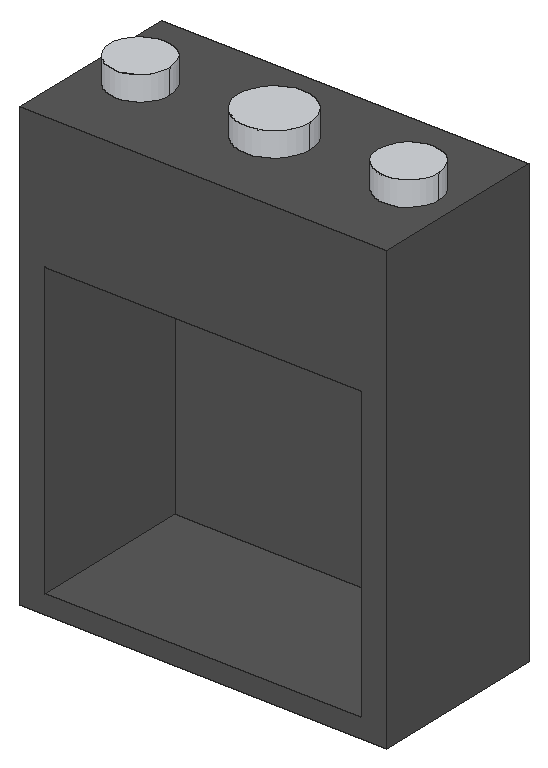
Revit family "montigo-commercial-single-sided-low-profile-fireplace-BF52", category Generic Models, Revit 2019
Family settings
  Can host rebar = No
  Round Connector Dimension = Use Diameter
  Part Type = Normal
  Work Plane-Based = No
  Always vertical = Yes
  Cut with Voids When Loaded = No
  Shared = No
  Room Calculation Point = No
Parameters
  URL = "https://www.montigo.com/"
  Model = ""
  Manufacturer Fax = ""
  Manufacturer Website = "https://www.montigo.com/"
  Manufacturer Phone - Toll Free = "800-378-3115"
  Manufacturer Phone = ""
  Manufacturer Address = "27342 Gloucester Way  Langley, BC, Canada   V4W 4A1"
  Manufacturer = "Montigo"
  Keynote = ""
  Glazing Tint = Glass - Montigo - Tint as Specified
  Frame Material = Metal - Montigo - Black
  Firebox Material = Metal - Montigo - White
  Description = "Montigo Fireplace as Specified"
Reference planes (in)
  plane 1 "Center (Front/Back)": y = 0
  plane 2: z = 0
  plane 3 "Center (Left/Right)": x = 0
Forms (in)
  Extrusion 1, solid, material "Metal - Montigo - Black" <- "Frame Material"
    sketch origin (15, -15, 0) x (1, 0, 0) y (0, 1, 0)
      loop
        line (-45, 29.5) -> (-45, 0.5) -> (15, 0.5) -> (15, 29.5) -> (-45, 29.5)
    from 0 to 73
  Extrusion 2, solid
    sketch origin (0, 0, 0) x (1, 0, 0) y (0, 1, 0)
      loop
        circle (0, 0) r 5.875
      loop
        circle (-22, 0) r 4.9375
      loop
        circle (22, 0) r 4.9375
    from 73 to 77
  Extrusion 3, void
    sketch origin (19.1875, -6.15625, 0) x (-1, 0, 0) y (0, 0, -1)
      loop
        line (45.1875, -51) -> (45.1875, -3) -> (-6.8125, -3) -> (-6.8125, -51) -> (45.1875, -51)
    from -18.24874 to 8.34375
Cuts and joins
  Extrusion 3 cuts Extrusion 1
Dimensions and locks (in)
  radius of Extrusion 2 sketch curve = 5 7/8"
  diameter of Extrusion 2 sketch curve = 11 3/4"
  aligned and locked: level to plane 2
Connectors (in)
  hvac at (0, 0, 77)
    settings: on Extrusion 2, index 2, duct flow 0.0 L/s, flow factor 0, pres drop 0.0 Pa, loss coef 0, conn angle 0.00°, conn width 304.8 mm, conn height 304.8 mm, conn diameter 298.45 mm, duct sys type 3, conn prof type 0, flow config 0, flow direction 0, loss method 0, conn ref index -1, conn util no, is conn primary yes, conn desc ""
  hvac at (-22, 0, 77)
    settings: on Extrusion 2, index 3, duct flow 0.0 L/s, flow factor 0, pres drop 0.0 Pa, loss coef 0, conn angle 0.00°, conn width 304.8 mm, conn height 304.8 mm, conn diameter 250.924 mm, duct sys type 3, conn prof type 0, flow config 0, flow direction 0, loss method 0, conn ref index -1, conn util no, is conn primary no, conn desc ""
  hvac at (22, 0, 77)
    settings: on Extrusion 2, index 4, duct flow 0.0 L/s, flow factor 0, pres drop 0.0 Pa, loss coef 0, conn angle 0.00°, conn width 304.8 mm, conn height 304.8 mm, conn diameter 250.924 mm, duct sys type 3, conn prof type 0, flow config 0, flow direction 0, loss method 0, conn ref index -1, conn util no, is conn primary no, conn desc ""
